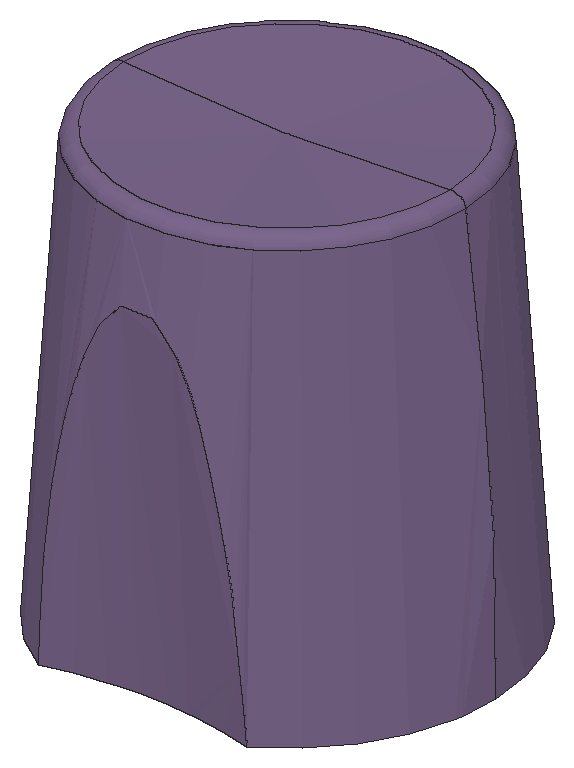
Revit family "NBS_PineappleContracts_DmstcChrs_RynoStool", category Furniture, Revit 2018
Family settings
  Work Plane-Based = No
  Always vertical = Yes
  Cut with Voids When Loaded = No
  Shared = No
  Room Calculation Point = No
Parameters
  Width = 445 mm  # constant formula
  WeightOptions = "50 kg standard model, 25 kg midweight model, 5 kg lightweight model, contact manufacturer for additional weight options"
  WarrantyStartDate [instance] = "1900-12-31T23:59:59"
  WarrantyGuarantorParts = "n/a"
  WarrantyGuarantorLabor = "n/a"
  WarrantyDurationUnit = "year"
  WarrantyDurationParts = "n/a"
  WarrantyDurationLabor = "n/a"
  WarrantyDescription = "Lifetime guarantee against manufacturing faults"
  Version = "2"  # constant formula
  Uniclass2015Version = "Products v1.15"
  Uniclass2015Title = "Stools"
  Uniclass2015Code = "Pr_40_50_12_85"
  TagNumber [instance] = "n/a"
  SustainabilityPerformance = "100% recyclable"
  Style = "Stool"
  StoolMaterial = NBS_PineappleContracts_IconPurple
  Status = "UNSET"
  Size = "470 x 445 x 396 mm"
  Shape = "Cylinder"
  SerialNumber [instance] = "n/a"
  SeatingHeight = 470 mm
  Revision = "n/a"
  ReplacementCost = "n/a"
  Reference = "n/a"
  ProductInformation = "https://uk.pineapplecontracts.com/product/ryno-stool/"
  NominalWidth = 445 mm
  NominalLength = 0 mm
  NominalHeight = 470 mm
  NominalDepth = 396 mm
  Name = "DomesticChairs_RynoStool_PineappleContracts"
  NBSReference = "45-35-20/365"
  NBSDescription = "Domestic chairs"
  NBSCertification = "www.nationalbimlibrary.com/cert/lfek0bag"
  ModelReference = "RynoStool"
  ModelNumber = "1RYS-FF-50"
  Material = "UV stabilised polyethylene with anti-microbial additive"
  ManufacturerURL = "www.pineapplecontracts.com"
  ManufacturerName = "Pineapple Contracts"  # constant formula
  Manufacturer = "sales@pineapplecontracts.com"
  MainColor = "n/a"
  LowestSeatingHeight = 470 mm
  IsBuiltIn = no
  InstallationDate [instance] = "1900-12-31T23:59:59"
  IfcExportType = "CHAIR"  # constant formula
  IfcExportAs = "IfcFurnitureType"  # constant formula
  HighestSeatingHeight = 470 mm
  Height = 470 mm  # constant formula
  Grade = "n/a"
  Finish = "n/a"
  Features = "Weatherproof, fire retardant, floor fixing option available"
  ExpectedLife = "n/a"
  DurationUnit = "year"
  Description = "Ryno stool"
  Depth = 396 mm  # constant formula
  Constituents = "n/a"
  Color = "Blaze orange, epic blue, icon purple, vegas yellow, cool green, black, thunder grey, moonwalk grey, lime green, granite"
  CodePerformance = "BS EN 16139: 2013 level 2, BS 5852:2006, UL94 HB flammability standards"
  Category = "Pr_40_50_12_85:Stools"
  BarCode [instance] = "n/a"
  BIMObjectName = "NBS_PineappleContracts_DomesticChairs_RynoStool"
  Author = "NBS"  # constant formula
  AssetType = "Fixed"
  AssetIdentifier [instance] = "n/a"
  AccessibilityPerformance = "n/a"
Reference planes
  plane 1 "Center (Front/Back)": y = 0
  plane 2 "Bottom": z = 0
  plane 3 "Center (Left/Right)": x = 0
  plane 4 "Back": y = 198
  plane 5 "Front": y = -198
  plane 6 "Left": x = -222.5
  plane 7 "Right": x = 222.5
  plane 8 "Top": z = 470
Forms (mm)
  Extrusion 1, solid, material "NBS_PineappleContracts_IconPurple" <- "StoolMaterial", detail levels coarse
    sketch origin (0, 0, 0) x (1, 0, 0) y (0, 1, 0)
      loop
        circle (0, 0) r 222.5
    from 0 to 470
  Revolve 2, solid, material "NBS_PineappleContracts_IconPurple" <- "StoolMaterial", detail levels medium+fine
    sketch origin (0, 0, 0) x (1, 0, 0) y (0, 0, 1)
      loop
        arc (0, 461.867) -> (-87.148, 463.871) -> (-174.112, 469.874) r 1897.718
        arc (-174.112, 469.874) -> (-184.743, 466.742) -> (-190.322, 457.167) r 15
        arc (-190.322, 457.167) -> (-215.463, 229.22) -> (-222.581, 0) r 2910.752
        line (-222.581, 0) -> (0, 0) -> (0, 461.867)
      axis (0, 469.874) -> (0, 0)
    angle from 0 to 360
  Sweep 3, void
    path origin (0, 0, 0) x (0, 1, 0) y (0, 0, 1)
      loop
        line (-177.045, -85.591) -> (-177.045, -23.043)
        arc (-177.045, -23.043) -> (-191.397, 239.711) -> (-209.13, 502.259) r 20442.283
    profile origin (0, -177.045, -54.317) x (0, -1, 0) y (1, 0, 0)
      loop
        arc (15.155, -112.256) -> (45.536, 0) -> (15.155, 112.256) r 222.581
        arc (15.155, 112.256) -> (-0.571, 0) -> (15.155, -112.256) r 408.535
  Sweep 4, void
    path origin (0, 0, 0) x (0, -1, 0) y (0, 0, 1)
      loop
        line (-177.045, -85.591) -> (-177.045, -23.043)
        arc (-177.045, -23.043) -> (-191.397, 239.711) -> (-209.13, 502.259) r 20442.283
    profile origin (0, 177.045, -54.317) x (0, -1, 0) y (1, 0, 0)
      loop
        arc (-15.155, -112.256) -> (0.571, 0) -> (-15.155, 112.256) r 408.535
        arc (-15.155, 112.256) -> (-45.536, 0) -> (-15.155, -112.256) r 222.581
Cuts and joins
  Sweep 3, Sweep 4 cuts Revolve 2
Dimensions and locks
  "Depth": plane 5 "Front" to plane 4 "Back"
  equal spacing: plane 5 "Front", plane 1 "Center (Front/Back)", plane 4 "Back", locked at 198 each
  "Width": plane 6 "Left" to plane 7 "Right"
  equal spacing: plane 6 "Left", plane 3 "Center (Left/Right)", plane 7 "Right", locked at 222.5 each
  "Height": plane 8 "Top" to plane 2 "Bottom"
  aligned and locked: level to plane 2 "Bottom"
  aligned and locked: plane 8 "Top" to Extrusion 1
  aligned and locked: Extrusion 1 to plane 2 "Bottom"
  aligned and locked: plane 3 "Center (Left/Right)" to Extrusion 1 sketch curve
  aligned and locked: plane 1 "Center (Front/Back)" to Extrusion 1 sketch curve
  aligned and locked: Revolve 2 sketch curve to level
Automatic sketch dimensions
  Revolve 2 sketch curve to plane 3 "Center (Left/Right)" = 0 mm  (x2)
  Revolve 2 sketch curve to plane 8 "Top" = 15.063 mm
  plane 6 "Left" to Revolve 2 sketch curve = 47.011 mm
  Revolve 2 sketch curve to plane 6 "Left" = 0.081 mm
  plane 3 "Center (Left/Right)" to Revolve 2 sketch curve = 0.021 mm
  level to Revolve 2 sketch curve = 24.341 mm
  plane 7 "Right" to Revolve 2 sketch curve = 2465.57 mm
  Revolve 2 sketch curve to plane 8 "Top" = 8.133 mm
  plane 8 "Top" to Revolve 2 sketch curve = 1889.585 mm
  Revolve 2 sketch curve to Revolve 2 sketch curve = 0 mm
  Revolve 2 sketch curve to level = 366.045 mm
  Revolve 2 sketch curve to Revolve 2 sketch curve = 145.27 mm
  Sweep 3 sketch curve to level = 1006.565 mm
  plane 5 "Front" to Sweep 3 sketch curve = 20397.654 mm
  Sweep 3 sketch curve to plane 5 "Front" = 20.955 mm
  Sweep 3 sketch curve to level = 23.043 mm
  plane 5 "Front" to Sweep 3 sketch curve = 11.13 mm
  Sweep 3 sketch curve to Sweep 3 sketch curve = 62.548 mm
  Sweep 3 sketch curve to plane 3 "Center (Left/Right)" = 0 mm  (x2)
  profile plane to Sweep 3 sketch curve = 177.045 mm
  Sweep 3 sketch curve to profile plane = 407.964 mm
  Sweep 3 sketch curve to profile plane = 15.155 mm
  Sweep 3 sketch curve to plane 3 "Center (Left/Right)" = 112.256 mm
  level to Sweep 4 sketch curve = 1006.565 mm
  plane 4 "Back" to Sweep 4 sketch curve = 20397.654 mm
  Sweep 4 sketch curve to plane 4 "Back" = 20.955 mm
  level to Sweep 4 sketch curve = 23.043 mm
  plane 4 "Back" to Sweep 4 sketch curve = 11.13 mm
  Sweep 4 sketch curve to Sweep 4 sketch curve = 62.548 mm
  Sweep 4 sketch curve to plane 3 "Center (Left/Right)" = 0 mm  (x2)
  profile plane to Sweep 4 sketch curve = 407.964 mm
  Sweep 4 sketch curve to profile plane = 177.045 mm
  profile plane to Sweep 4 sketch curve = 15.155 mm
  Sweep 4 sketch curve to plane 3 "Center (Left/Right)" = 112.256 mm
  radius of Extrusion 1 sketch curve = 222.5 mm
